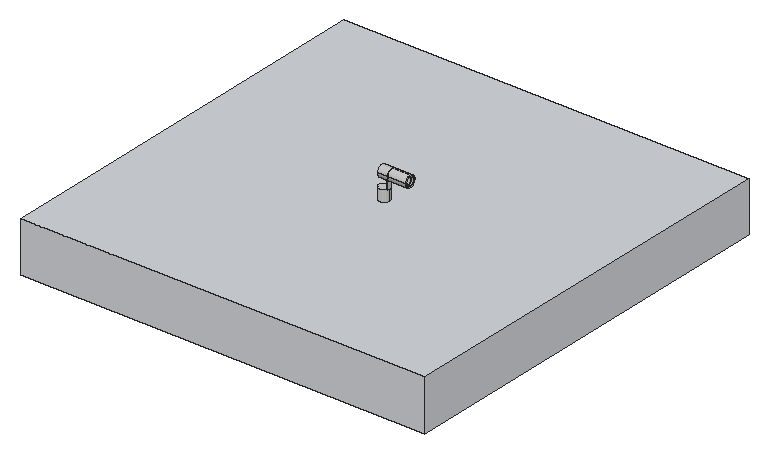
Revit family "LAMP_HANCE SURFACE SPOT", category Modelos genéricos, Revit 2015
Parameters (values of type "1577LM 3000 BLACK")
  Weight = 0.72 kg
  Type = "COB PHILIPS"
  Total height = 245 mm
  Tilting angle [instance] = 90.00°
  Tilting [instance] = if(Tilting angle < 0.00°, 0.00°, if(Tilting angle > 90.00°, 90.00°, Tilting angle))  # 90.00°
  Rotation angle [instance] = 0.00°
  Rotation [instance] = if(Rotation angle < 0.00°, 90.00°, if(Rotation angle > 355.00°, 85.00°, Rotation angle + 90.00°))  # 90.00°
  Radio base surface = if(Longitud cuerpo = 210 mm, 45 mm, 32.5 mm)  # 32.5 mm
  Protection rating = "IP20"
  Profundidad tija = if(Longitud cuerpo = 210 mm, 18 mm, 8.2 mm)  # 8.2 mm
  Product datasheet = "http://www.lamp.es/product-files/TECH/HS1SF20SP830NBB-EN.pdf"
  Product code = "HS1SF20SP830NBB"
  Product URL = "http://www.lamp.es/en/family/hance_173901"
  Power Supply = "220-240V 50-60Hz"
  Power = 18 W
  Plum = 21 W
  Photometric web file = Cuerpo Hance SURFACE SP (tiling) : 1577LM 3000 BLACK
  Modelo = Product code  # "HS1SF20SP830NBB"
  Model explanation = "Availability of tilting between 0º and 90º, rotation between 0º and 355º and change ring color when placed in a project."
  Material base = LAMP_Aluminio Hance Negro
  Material tija = LAMP_Aluminio Hance Negro
  Manufacturer name = "LAMP"
  Manufacturer country = "Spain"
  Manufacturer URL = "http://www.lamp.es/es/"
  MacAdam = "3"
  Luminaire type = "Indoor - Spotlight"
  Longitud cuerpo = 170 mm
  Longitud aro = if(Longitud cuerpo = 135 mm, 63.6 mm, if(Longitud cuerpo = 170 mm, 98.6 mm, 138.6 mm))  # 98.6 mm
  Last update = "08/08/2018"
  Lamp = "COB LED"
  LED Lifetime = "50.000 L80 B10"
  Insulation class = "I"
  Installation instructions = "http://www.lamp.es/product-files/ins/1004280%20-%20instr.%20hance%20spotlight%20220v.pdf"
  Initial intensity = 1577 lm
  Initial color = 3000 K
  IEE = "A"
  Gear = "Electronic"
  Finish = "Texturised black"
  Fabricante = Manufacturer name  # "LAMP"
  Default Elevation = 1219.2 mm
  Efficacy = 75.12 lm/W
  Diameter = 65 mm
  Descripción = "HANCE SUR 2000 WW SP BK."
  Decorative ring [instance] = Aro decorativo (tilting) : Black
  Comentarios de tipo = Model explanation  # "Availability of tilting between 0º and 90º, rotation between 0º and 355º and change ring color when placed in a project."
  CRI = "80"
  Body height = 170 mm
  Angulo aro [instance] = if(Tilting = 90.00°, 90.00°, -Tilting + 180.00°)  # 90.00°
  Anchura tija = if(Longitud cuerpo = 210 mm, 28 mm, 23 mm)  # 23 mm
  Altura tija = if(Longitud cuerpo = 210 mm, 63 mm, 63 mm)  # 63 mm
Types (17, lengths in mm): name | Weight | Total height | Radio base surface | Profundidad tija | Product datasheet | Product code | Power | Plum | Photometric web file | Modelo | Material base | Material tija | Longitud cuerpo | Longitud aro | LED Lifetime | Initial intensity | Initial color | IEE | Finish | Efficacy | Diameter | Descripción | Body height | Anchura tija
  (no name) | 0.72 kg | 245 | 32.5 | 8.2 | "http://www.lamp.es/product-files/TECH/HS1SF20SP830NBB-EN.pdf" | "HS1SF20SP830NBB" | 18 W | 21 W | Cuerpo Hance SURFACE SP (tiling) : 1577LM 3000 BLACK | "HS1SF20SP830NBB" | LAMP_Aluminio Hance Negro | LAMP_Aluminio Hance Negro | 170 | 98.6 | "50.000 L80 B10" | 1577 lm | 3000 K | "A" | "Texturised black" | 75.12 lm/W | 65 | "HANCE SUR 2000 WW SP BK." | 170 | 23
  736LM 3000 BLACK | 0.62 kg | 214 | 32.5 | 8.2 | "http://www.lamp.es/product-files/TECH/HS1SF10SP830NBB-EN.pdf" | "HS1SF10SP830NBB" | 7 W | 8.2 W | Cuerpo Hance SURFACE SP (tiling) : 736LM 3000 BLACK | "HS1SF10SP830NBB" | LAMP_Aluminio Hance Negro | LAMP_Aluminio Hance Negro | 135 | 63.6 | "50.000 L90 B10" | 736 lm | 3000 K | "A+" | "Texturised black" | 89.78 lm/W | 65 | "HANCE SUR 1000 WW SP BK." | 135 | 23
  736LM 3000 WHITE | 0.62 kg | 214 | 32.5 | 8.2 | "http://www.lamp.es/product-files/TECH/HS1SF10SP830NBW-EN.pdf" | "HS1SF10SP830NBW" | 7 W | 8.2 W | Cuerpo Hance SURFACE SP (tiling) : 736LM 3000 WHITE | "HS1SF10SP830NBW" | LAMP_Aluminio Hance Blanco | LAMP_Aluminio Hance Blanco | 135 | 63.6 | "50.000 L90 B10" | 736 lm | 3000 K | "A+" | "Texturised matt white" | 89.78 lm/W | 65 | "HANCE SUR 1000 WW SP WH." | 135 | 23
  778LM 4000 BLACK | 0.62 kg | 214 | 32.5 | 8.2 | "http://www.lamp.es/product-files/TECH/HS1SF10SP840NBB-EN.pdf" | "HS1SF10SP840NBB" | 7 W | 8.2 W | Cuerpo Hance SURFACE SP (tiling) : 778LM 4000 BLACK | "HS1SF10SP840NBB" | LAMP_Aluminio Hance Negro | LAMP_Aluminio Hance Negro | 135 | 63.6 | "50.000 L90 B10" | 778 lm | 4000 K | "A+" | "Texturised black" | 94.88 lm/W | 65 | "HANCE SUR 1000 NW SP BK." | 135 | 23
  778LM 4000 WHITE | 0.62 kg | 214 | 32.5 | 8.2 | "http://www.lamp.es/product-files/TECH/HS1SF10SP840NBW-EN.pdf" | "HS1SF10SP840NBW" | 7 W | 8.2 W | Cuerpo Hance SURFACE SP (tiling) : 778LM 4000 WHITE | "HS1SF10SP840NBW" | LAMP_Aluminio Hance Blanco | LAMP_Aluminio Hance Blanco | 135 | 63.6 | "50.000 L90 B10" | 778 lm | 4000 K | "A+" | "Texturised matt white" | 94.88 lm/W | 65 | "HANCE SUR 1000 NW SP WH." | 135 | 23
  1577LM 3000 BLACK | 0.72 kg | 245 | 32.5 | 8.2 | "http://www.lamp.es/product-files/TECH/HS1SF20SP830NBB-EN.pdf" | "HS1SF20SP830NBB" | 18 W | 21 W | Cuerpo Hance SURFACE SP (tiling) : 1577LM 3000 BLACK | "HS1SF20SP830NBB" | LAMP_Aluminio Hance Negro | LAMP_Aluminio Hance Negro | 170 | 98.6 | "50.000 L80 B10" | 1577 lm | 3000 K | "A" | "Texturised black" | 75.12 lm/W | 65 | "HANCE SUR 2000 WW SP BK." | 170 | 23
  1577LM 3000 WHITE | 0.72 kg | 248 | 32.5 | 8.2 | "http://www.lamp.es/product-files/TECH/HS1SF20SP830NBW-EN.pdf" | "HS1SF20SP830NBW" | 18 W | 21 W | Cuerpo Hance SURFACE SP (tiling) : 1577LM 3000 WHITE | "HS1SF20SP830NBW" | LAMP_Aluminio Hance Blanco | LAMP_Aluminio Hance Blanco | 170 | 98.6 | "50.000 L80 B10" | 1577 lm | 3000 K | "A" | "Texturised matt white" | 75.12 lm/W | 65 | "HANCE SUR 2000 WW SP WH." | 170 | 23
  1667LM 4000 BLACK | 0.72 kg | 248 | 32.5 | 8.2 | "http://www.lamp.es/product-files/TECH/HS1SF20SP840NBB-EN.pdf" | "HS1SF20SP840NBB" | 18 W | 21 W | Cuerpo Hance SURFACE SP (tiling) : 1667LM 4000 BLACK | "HS1SF20SP840NBB" | LAMP_Aluminio Hance Negro | LAMP_Aluminio Hance Negro | 170 | 98.6 | "50.000 L80 B10" | 1667 lm | 4000 K | "A+" | "Texturised black" | 79.38 lm/W | 65 | "HANCE SUR 2000 NW SP BK." | 170 | 23
  1667LM 4000 WHITE | 0.72 kg | 248 | 32.5 | 8.2 | "http://www.lamp.es/product-files/TECH/HS1SF20SP840NBW-EN.pdf" | "HS1SF20SP840NBW" | 18 W | 21 W | Cuerpo Hance SURFACE SP (tiling) : 1667LM 4000 WHITE | "HS1SF20SP840NBW" | LAMP_Aluminio Hance Blanco | LAMP_Aluminio Hance Blanco | 170 | 98.6 | "50.000 L80 B10" | 1667 lm | 4000 K | "A+" | "Texturised matt white" | 79.38 lm/W | 65 | "HANCE SUR 2000 NW SP WH." | 170 | 23
  2541LM 3000 BLACK | 1.34 kg | 290 | 45 | 18 | "http://www.lamp.es/product-files/TECH/HS1SF30SP830NBB-EN.pdf" | "HS1SF30SP830NBB" | 26 W | 28.6 W | Cuerpo Hance SURFACE SP (tiling) : 2541LM 3000 BLACK | "HS1SF30SP830NBB" | LAMP_Aluminio Hance Negro | LAMP_Aluminio Hance Negro | 210 | 138.6 | "50.000 L80 B10" | 2541 lm | 3000 K | "A+" | "Texturised black" | 88.83 lm/W | 90 | "HANCE SUR 3000 WW SP BK." | 210 | 28
  2541LM 3000 WHITE | 1.34 kg | 290 | 45 | 18 | "http://www.lamp.es/product-files/TECH/HS1SF30SP830NBW-EN.pdf" | "HS1SF30SP830NBW" | 26 W | 28.6 W | Cuerpo Hance SURFACE SP (tiling) : 2541LM 3000 WHITE | "HS1SF30SP830NBW" | LAMP_Aluminio Hance Blanco | LAMP_Aluminio Hance Blanco | 210 | 138.6 | "50.000 L80 B10" | 2541 lm | 3000 K | "A+" | "Texturised matt white" | 88.83 lm/W | 90 | "HANCE SUR 3000 WW SP WH." | 210 | 28
  2656LM 4000 BLACK | 1.34 kg | 290 | 45 | 18 | "http://www.lamp.es/product-files/TECH/HS1SF30SP840NBB-EN.pdf" | "HS1SF30SP840NBB" | 26 W | 28.6 W | Cuerpo Hance SURFACE SP (tiling) : 2656LM 4000 BLACK | "HS1SF30SP840NBB" | LAMP_Aluminio Hance Negro | LAMP_Aluminio Hance Negro | 210 | 138.6 | "50.000 L80 B10" | 2656 lm | 4000 K | "A+" | "Texturised black" | 92.87 lm/W | 90 | "HANCE SUR 3000 NW SP BK." | 210 | 28
  2656LM 4000 WHITE | 1.34 kg | 290 | 45 | 18 | "http://www.lamp.es/product-files/TECH/HS1SF30SP840NBW-EN.pdf" | "HS1SF30SP840NBW" | 26 W | 28.6 W | Cuerpo Hance SURFACE SP (tiling) : 2656LM 4000 WHITE | "HS1SF30SP840NBW" | LAMP_Aluminio Hance Blanco | LAMP_Aluminio Hance Blanco | 210 | 138.6 | "50.000 L80 B10" | 2656 lm | 4000 K | "A+" | "Texturised matt white" | 92.87 lm/W | 90 | "HANCE SUR 3000 NW SP WH." | 210 | 28
  3295LM 3000 BLACK | 1.34 kg | 290 | 45 | 18 | "http://www.lamp.es/product-files/TECH/HS1SF40SP830NBB-EN.pdf" | "HS1SF40SP830NBB" | 35 W | 39.5 W | Cuerpo Hance SURFACE SP (tiling) : 3295LM 3000 BLACK | "HS1SF40SP830NBB" | LAMP_Aluminio Hance Negro | LAMP_Aluminio Hance Negro | 210 | 138.6 | "50.000 L80 B10" | 3295 lm | 3000 K | "A+" | "Texturised black" | 83.42 lm/W | 90 | "HANCE SUR 4000 WW SP BK." | 210 | 28
  3295LM 3000 WHITE | 1.34 kg | 290 | 45 | 18 | "http://www.lamp.es/product-files/TECH/HS1SF40SP830NBW-EN.pdf" | "HS1SF40SP830NBW" | 35 W | 39.5 W | Cuerpo Hance SURFACE SP (tiling) : 3295LM 3000 WHITE | "HS1SF40SP830NBW" | LAMP_Aluminio Hance Blanco | LAMP_Aluminio Hance Blanco | 210 | 138.6 | "50.000 L80 B10" | 3295 lm | 3000 K | "A+" | "Texturised matt white" | 83.42 lm/W | 90 | "HANCE SUR 4000 WW SP WH." | 210 | 28
  3431LM 4000 BLACK | 1.34 kg | 290 | 45 | 18 | "http://www.lamp.es/product-files/TECH/HS1SF40SP840NBB-EN.pdf" | "HS1SF40SP840NBB" | 35 W | 39.5 W | Cuerpo Hance SURFACE SP (tiling) : 3431LM 4000 BLACK | "HS1SF40SP840NBB" | LAMP_Aluminio Hance Negro | LAMP_Aluminio Hance Negro | 210 | 138.6 | "50.000 L80 B10" | 3431 lm | 4000 K | "A+" | "Texturised black" | 86.86 lm/W | 90 | "HANCE SUR 4000 NW SP BK." | 210 | 28
  3431LM 4000 WHITE | 1.34 kg | 290 | 45 | 18 | "http://www.lamp.es/product-files/TECH/HS1SF40SP840NBW-EN.pdf" | "HS1SF40SP840NBW" | 35 W | 39.5 W | Cuerpo Hance SURFACE SP (tiling) : 3431LM 4000 WHITE | "HS1SF40SP840NBW" | LAMP_Aluminio Hance Blanco | LAMP_Aluminio Hance Blanco | 210 | 138.6 | "50.000 L80 B10" | 3431 lm | 4000 K | "A+" | "Texturised matt white" | 86.86 lm/W | 90 | "HANCE SUR 4000 NW SP WH." | 210 | 28
Reference planes
  plane 1 "Centro (Frontal/Posterior)": y = 0
  plane 2: z = 0
  plane 3 "Centro (Izquierda/Derecha)": x = 0
Forms (mm)
  Extrusion 1, solid
    sketch origin (0, 0, 0) x (1, 0, 0) y (0, 1, 0)
      loop
        line (-1219.2, 1219.2) -> (-1219.2, -1219.2) -> (1219.2, -1219.2) -> (1219.2, 1219.2) -> (-1219.2, 1219.2)
    from 0 to -304.8
  Extrusion 2, solid, material "LAMP_Aluminio Hance Negro" <- "Material base"
    sketch origin (0, 0, 0) x (1, 0, 0) y (0, 1, 0)
      loop
        circle (0.524, 0) r 32.5
    from 0 to 64
Lines and regions (mm)
  reference lines
    curve 1: line (0, 0, 0) -> (50, 0, 0)
Text (mm)
  text "Any modification of the parameters and properties of the LAMP BIM models must be executed and validated by the LAMP technical department.\n\nPhone: +34 93 736 68 00\n\nE-mail: lamp@lamp.es\n\n\n\nLAMP reserves the right to modify the technical specifications of its products." at (-20972.013, 13751.942, -8580.163), in view "Preview"
Dimensions and locks
  "Radio base surface": radius of Extrusion 2 sketch curve
  "Rotation": angle curve 1 to plane 3 "Centro (Izquierda/Derecha)"
  aligned and locked: plane 2 to Extrusion 1
  aligned and locked: level to Extrusion 1
  aligned and locked: plane 3 "Centro (Izquierda/Derecha)" to curve 1
  aligned and locked: plane 1 "Centro (Frontal/Posterior)" to curve 1
Automatic sketch dimensions
  Extrusion 1 sketch curve to Extrusion 1 sketch curve = 2438.4 mm  (x2)
  curve 1 to Extrusion 2 sketch curve = 0 mm
  curve 1 to Extrusion 2 sketch curve = 0.524 mm
Nested families
  nested 1: "Aro decorativo (tilting)" at (28.265, 0, 119.12) x (1, 0, 0) z (0, 0, -1), type <- "Decorative ring", type "Black"
    with Longitud 98.6 mm
  nested 2: "Tija track" at (29.837, 0, 64), type "Tija track"
  nested 3: "Cuerpo Hance SURFACE SP (tiling)" at (28.24, 0, 119.145) x (1, 0, 0) z (0, 0, -1), type <- "Photometric web file", type "1577LM 3000 BLACK"
Connectors
  electrical at (0.524, 0, 0)
    settings: on Extrusion 2, index 1, voltage 0 V, apparent load 0 VA, apparent load phase1 0 VA, apparent load phase2 0 VA, apparent load phase3 0 VA, power factor 1, load classification "Otro", number of poles 1, system type 31, power factor state 1, is connector primary yes, connector utility no, sub classification motor no, connector description ""
Definition of nested family "Aro decorativo (tilting)"
  Parameters (values of type "Copper")
    Weight (3000/4000) = 0.016 kg
    Weight (1000/2000) = 0.01 kg
    Tilting = 90.00°
    Product datasheet = ""
    Product code (3000/4000) = "HSRI90C"
    Product code (1000/2000) = "HSRI65C"
    Product URL = ""
    Model = ""
    Material aro = none
    Manufacturer name = "LAMP"
    Manufacturer country = "Spain"
    Manufacturer URL = "http://www.lamp.es/en"
    Longitud = 63.6 mm
    Last update = "21/05/2018"
    Installation instructions = ""
    Finish = "Metalized matt copper"
    Manufacturer = Manufacturer name  # "LAMP"
    Default Elevation = 1219.2 mm
    Diameter (3000/4000) = 90 mm
    Diameter (1000/2000) = 65 mm
    Description = ""
    Accessory Type = "Optic"
    3000/4000 Model = "HSRI90C"
    3000/4000 Description = "HANCE 3000/4000 ACC. RING DECO CO."
    1000/2000 Model = "HSRI65C"
    1000/2000 Description = "HANCE 1000/2000 ACC. RING DECO CO."
  Types (5, lengths in mm): name | Product code (3000/4000) | Product code (1000/2000) | Finish | 3000/4000 Model | 3000/4000 Description | 1000/2000 Model | 1000/2000 Description
    (no name) | "HSRI90C" | "HSRI65C" | "Metalized matt copper" | "HSRI90C" | "HANCE 3000/4000 ACC. RING DECO CO." | "HSRI65C" | "HANCE 1000/2000 ACC. RING DECO CO."
    Black | "HSRI90B" | "HSRI65B" | "Matt black" | "HSRI90B" | "HANCE 3000/4000 ACC. RING DECO BK." | "HSRI65B" | "HANCE 1000/2000 ACC. RING DECO BK."
    Copper | "HSRI90C" | "HSRI65C" | "Metalized matt copper" | "HSRI90C" | "HANCE 3000/4000 ACC. RING DECO CO." | "HSRI65C" | "HANCE 1000/2000 ACC. RING DECO CO."
    Grey | "HSRI90M" | "HSRI65M" | "Metalized matt silver" | "HSRI90M" | "HANCE 3000/4000 ACC. RING DECO MET." | "HSRI65M" | "HANCE 1000/2000 ACC. RING DECO MET."
    White | "HSRI90W" | "HSRI65W" | "Matt White" | "HSRI90W" | "HANCE 3000/4000 ACC. RING DECO WH." | "HSRI65W" | "HANCE 1000/2000 ACC. RING DECO WH."
  Reference planes
    plane 1 "Centro (Frontal/Posterior)": y = 0
    plane 2: z = 0
    plane 3 "Centro (Izquierda/Derecha)": x = 0
  Lines and regions (mm)
    reference lines
      curve 1: line (0, 0, 0) -> (0, 0, -27.9)
      curve 2: line (0, 0, -27.9) -> (80.8, 0, -27.9)
  Text (mm)
    text "Any modification of the parameters and properties of the LAMP BIM models must be executed and validated by the LAMP technical department.\n\nPhone: +34 93 736 68 00\n\nE-mail: lamp@lamp.es\n\n\n\nLAMP reserves the right to modify the technical specifications of its products." at (86527.204, -96597.187, 50741.736), in view "Preview"
  Dimensions and locks
    "Tilting": angle curve 1 to plane 2
    aligned and locked: level to plane 2
    aligned and locked: plane 3 "Centro (Izquierda/Derecha)" to curve 1
    aligned and locked: plane 2 to curve 1
  Automatic sketch dimensions
    curve 2 to curve 1 = 0 mm
    curve 1 to curve 2 = 0 mm
    curve 1 to curve 2 = 80.8 mm
  Nested families
    nested 1: "Aro decorativo" at (17.2, 0, 0), type "Copper"
  Definition of nested family "Aro decorativo"
    Parameters (values of type "Copper")
      Weight (3000/4000) = 0.016 kg
      Weight (1000/2000) = 0.01 kg
      Product datasheet = ""
      Product code (3000/4000) = "HSRI90C"
      Product code (1000/2000) = "HSRI65C"
      Product URL = ""
      Model = ""
      Material aro = none
      Manufacturer name = "LAMP"
      Manufacturer country = "Spain"
      Manufacturer URL = "http://www.lamp.es/en"
      Longitud = 63.6 mm
      Last update = "21/05/2018"
      Installation instructions = ""
      Finish = "Metalized matt copper"
      Manufacturer = Manufacturer name  # "LAMP"
      Default Elevation = 1219.2 mm
      Diametro vaciado aro interior = if(Diametro aro interior = 35.4 mm, 34.4 mm, 21.9 mm)  # 21.9 mm
      Diametro vaciado aro exterior = if(Diametro aro exterior = 42.9 mm, 41.9 mm, 29.4 mm)  # 29.4 mm
      Diametro aro interior = if(Diametro aro exterior = 42.9 mm, 35.4 mm, 22.9 mm)  # 22.9 mm
      Diametro aro exterior = if(Longitud = 138.6 mm, 42.9 mm, 30.4 mm)  # 30.4 mm
      Diameter (3000/4000) = 90 mm
      Diameter (1000/2000) = 65 mm
      Description = ""
      Accessory Type = "Optic"
      3000/4000 Model = "HSRI90C"
      3000/4000 Description = "HANCE 3000/4000 ACC. RING DECO CO."
      1000/2000 Description = "HANCE 1000/2000 ACC. RING DECO CO."
      1000/2000 Model = "HSRI65C"
    Types (5, lengths in mm): name | Product code (3000/4000) | Product code (1000/2000) | Finish | 3000/4000 Model | 3000/4000 Description | 1000/2000 Description | 1000/2000 Model
      (no name) | "HSRI90C" | "HSRI65C" | "Metalized matt copper" | "HSRI90C" | "HANCE 3000/4000 ACC. RING DECO CO." | "HANCE 1000/2000 ACC. RING DECO CO." | "HSRI65C"
      Black | "HSRI90B" | "HSRI65B" | "Matt black" | "HSRI90B" | "HANCE 3000/4000 ACC. RING DECO BK." | "HANCE 1000/2000 ACC. RING DECO BK." | "HSRI65B"
      Copper | "HSRI90C" | "HSRI65C" | "Metalized matt copper" | "HSRI90C" | "HANCE 3000/4000 ACC. RING DECO CO." | "HANCE 1000/2000 ACC. RING DECO CO." | "HSRI65C"
      Grey | "HSRI90M" | "HSRI65M" | "Metalized matt silver" | "HSRI90M" | "HANCE 3000/4000 ACC. RING DECO MET." | "HANCE 1000/2000 ACC. RING DECO MET." | "HSRI65M"
      White | "HSRI90W" | "HSRI65W" | "Matt white" | "HSRI90W" | "HANCE 3000/4000 ACC. RING DECO WH." | "HANCE 1000/2000 ACC. RING DECO WH." | "HSRI65W"
    Reference planes
      plane 1 "Centro (Frontal/Posterior)": y = 0
      plane 2: z = 0
      plane 3 "Centro (Izquierda/Derecha)": x = 0
    Forms (mm)
      Revolve 1, solid, material <- "Material aro"
        sketch origin (0, 0, -27.9) x (1, 0, 0) y (0, 0, 1)
          loop
            line (63.6, 0) -> (73.782, 0) -> (73.782, 30.4) -> (63.6, 22.9) -> (63.6, 0)
          axis (73.782, 0) -> (63.6, 0)
        angle from 0 to 360
      Revolve 2, void
        sketch origin (0, 0, -27.9) x (1, 0, 0) y (0, 0, 1)
          loop
            line (73.782, 29.4) -> (63.6, 21.9) -> (63.6, 0) -> (73.782, 0) -> (73.782, 29.4)
          axis (63.6, 0) -> (73.782, 0)
        angle from 0 to 360
    Cuts and joins
      Revolve 2 cuts Revolve 1
    Lines and regions (mm)
      reference lines
        curve 1: line (0, 0, -27.9) -> (63.6, 0, -27.9)
    Text (mm)
      text "Any modification of the parameters and properties of the LAMP BIM models must be executed and validated by the LAMP technical department.\n\nPhone: +34 93 736 68 00\n\nE-mail: lamp@lamp.es\n\n\n\nLAMP reserves the right to modify the technical specifications of its products." at (91886.357, -93022.329, 47898.266), in view "Preview"
    Dimensions and locks
      "Diametro aro exterior": Revolve 1 sketch curve to Revolve 1 sketch curve
      "Diametro vaciado aro exterior": Revolve 2 sketch curve to Revolve 2 sketch curve
      "Longitud": curve 1 to plane 3 "Centro (Izquierda/Derecha)"
      "Diametro aro interior": Revolve 1 sketch curve to Revolve 1 sketch curve
      "Diametro vaciado aro interior": Revolve 2 sketch curve to Revolve 2 sketch curve
      aligned and locked: level to plane 2
    Automatic sketch dimensions
      Revolve 1 sketch curve to curve 1 = 0 mm  (x4)
      curve 1 to Revolve 1 sketch curve = 10.182 mm
      Revolve 1 sketch curve to Revolve 1 sketch curve = 0 mm
      Revolve 2 sketch curve to curve 1 = 0 mm  (x3)
      curve 1 to Revolve 2 sketch curve = 10.182 mm
      Revolve 2 sketch curve to curve 1 = 1261.008 mm
      Revolve 2 sketch curve to Revolve 2 sketch curve = 1898.983 mm
      curve 1 to plane 3 "Centro (Izquierda/Derecha)" = 0 mm
      curve 1 to level = 27.9 mm
Definition of nested family "Tija track"
  Parameters (values of type "Tija track")
    Profundidad tija = 8.2 mm
    Material tija = none
    Default Elevation = 1219.2 mm
    Anchura tija = 23 mm
    Profundo vaciado = if(Profundidad tija = 18 mm, 10.8 mm, 1 mm)  # 1 mm
    Ancho vaciado = Anchura tija  # 23 mm
    Altura tija = 63 mm
  Reference planes
    plane 1 "Centro (Frontal/Posterior)": y = 0
    plane 2: z = 0
    plane 3 "Centro (Izquierda/Derecha)": x = 0
  Forms (mm)
    Extrusion 1, solid
      sketch origin (0, 0, 0) x (1, 0, 0) y (0, 1, 0)
        loop
          line (-1219.2, 1219.2) -> (-1219.2, -1219.2) -> (1219.2, -1219.2) -> (1219.2, 1219.2) -> (-1219.2, 1219.2)
      from 0 to -304.8
    Extrusion 2, solid, material <- "Material tija"
      sketch origin (0, 0, -18) x (1, 0, 0) y (0, 0, 1)
        loop
          line (4.1, 18) -> (4.1, 81) -> (-6.297, 81)
          arc (-6.297, 81) -> (-12.297, 75) -> (-6.297, 69) r 6
          line (-6.297, 69) -> (-4.1, 69) -> (-4.1, 18) -> (4.1, 18)
      from -11.5 to 11.5
    Extrusion 3, void
      sketch origin (0, 0, -20) x (-1, 0, 0) y (0, 0, 1)
        loop
          circle (7.297, 77) r 3
        loop
          circle (7.297, 63) r 3
      from -17.317 to 15.502
    Extrusion 4, void
      sketch origin (1, -11.5, 0) x (-1, 0, 0) y (0, 1, 0)
        loop
          line (0, 23) -> (-38.141, 23) -> (-38.141, 0) -> (0, 0)
          arc (0, 0) -> (-1.663, 11.5) -> (0, 23) r 40.6
      from -63 to 0
  Cuts and joins
    Extrusion 3, Extrusion 4 cuts Extrusion 2
  Lines and regions (mm)
    reference lines
      curve 1: line (1, -11.5, 0) -> (1, 11.5, 0)
  Dimensions and locks
    equal spacing: cut or joined group of Extrusion 2, Extrusion 3, Extrusion 4, plane 1 "Centro (Frontal/Posterior)", cut or joined group of Extrusion 2, Extrusion 3, Extrusion 4
    "Anchura tija": cut or joined group of Extrusion 2, Extrusion 3, Extrusion 4 to cut or joined group of Extrusion 2, Extrusion 3, Extrusion 4
    plane 1 "Centro (Frontal/Posterior)" to Extrusion 4 sketch curve = 11.5 mm
    "Altura tija": Extrusion 2 sketch curve to Extrusion 2 sketch curve
    "Profundidad tija": cut or joined group of Extrusion 2, Extrusion 3, Extrusion 4 to cut or joined group of Extrusion 2, Extrusion 3, Extrusion 4
    locked: cut or joined group of Extrusion 2, Extrusion 3, Extrusion 4 to plane 3 "Centro (Izquierda/Derecha)" at 4.1
    locked: plane 3 "Centro (Izquierda/Derecha)" to Extrusion 4 sketch curve at 39.141
    "Profundo vaciado": plane 3 "Centro (Izquierda/Derecha)" to curve 1
    "Ancho vaciado": Extrusion 4 sketch curve to Extrusion 4 sketch curve
    equal spacing: Extrusion 4 sketch curve, plane 1 "Centro (Frontal/Posterior)", Extrusion 4 sketch curve
    aligned and locked: plane 2 to Extrusion 1
    aligned and locked: level to Extrusion 1
  Automatic sketch dimensions
    Extrusion 1 sketch curve to Extrusion 1 sketch curve = 2438.4 mm  (x2)
    Extrusion 3 sketch curve to plane 3 "Centro (Izquierda/Derecha)" = 7.297 mm  (x2)
    level to Extrusion 3 sketch curve = 43 mm
    Extrusion 3 sketch curve to Extrusion 3 sketch curve = 14 mm
    Extrusion 2 sketch curve to level = 0 mm
    Extrusion 2 sketch curve to plane 3 "Centro (Izquierda/Derecha)" = 6.297 mm
    Extrusion 2 sketch curve to Extrusion 2 sketch curve = 2.197 mm
    plane 3 "Centro (Izquierda/Derecha)" to Extrusion 2 sketch curve = 4.1 mm
    Extrusion 2 sketch curve to Extrusion 2 sketch curve = 12 mm
    plane 1 "Centro (Frontal/Posterior)" to curve 1 = 11.5 mm
    curve 1 to plane 1 "Centro (Frontal/Posterior)" = 11.5 mm
    Extrusion 4 sketch curve to curve 1 = 0 mm  (x2)
    curve 1 to Extrusion 4 sketch curve = 38.937 mm
    radius of Extrusion 3 sketch curve = 3 mm  (x2)
Definition of nested family "Cuerpo Hance SURFACE SP (tiling)"
  Parameters (values of type "736LM 3000 BLACK")
    Tilting = 90.00°
    Photometric web file = Cuerpo Hance SURFACE SP : 736LM 3000 BLACK
    Longitud cuerpo = 135 mm
    Default Elevation = 1219.2 mm
  Types (17, lengths in mm): name | Photometric web file | Longitud cuerpo
    (no name) | Cuerpo Hance SURFACE SP : 736LM 3000 BLACK | 135
    736LM 3000 BLACK | Cuerpo Hance SURFACE SP : 736LM 3000 BLACK | 135
    736LM 3000 WHITE | Cuerpo Hance SURFACE SP : 736LM 3000 WHITE | 135
    778LM 4000 BLACK | Cuerpo Hance SURFACE SP : 778LM 4000 BLACK | 135
    778LM 4000 WHITE | Cuerpo Hance SURFACE SP : 778LM 4000 WHITE | 135
    1577LM 3000 BLACK | Cuerpo Hance SURFACE SP : 1577LM 3000 BLACK | 170
    1577LM 3000 WHITE | Cuerpo Hance SURFACE SP : 1577LM 3000 WHITE | 170
    1667LM 4000 BLACK | Cuerpo Hance SURFACE SP : 1667LM 4000 BLACK | 170
    1667LM 4000 WHITE | Cuerpo Hance SURFACE SP : 1667LM 4000 WHITE | 170
    2541LM 3000 BLACK | Cuerpo Hance SURFACE SP : 2541LM 3000 BLACK | 210
    2541LM 3000 WHITE | Cuerpo Hance SURFACE SP : 2541LM 3000 WHITE | 210
    2656LM 4000 BLACK | Cuerpo Hance SURFACE SP : 2656LM 4000 BLACK | 210
    2656LM 4000 WHITE | Cuerpo Hance SURFACE SP : 2656LM 4000 WHITE | 210
    3295LM 3000 BLACK | Cuerpo Hance SURFACE SP : 3295LM 3000 BLACK | 210
    3295LM 3000 WHITE | Cuerpo Hance SURFACE SP : 3295LM 3000 WHITE | 210
    3431LM 4000 BLACK | Cuerpo Hance SURFACE SP : 3431LM 4000 BLACK | 210
    3431LM 4000 WHITE | Cuerpo Hance SURFACE SP : 3431LM 4000 WHITE | 210
  Reference planes
    plane 1 "Centro (Frontal/Posterior)": y = 0
    plane 2: z = 0
    plane 3 "Centro (Izquierda/Derecha)": x = 0
  Lines and regions (mm)
    reference lines
      curve 1: line (0, 0, 0) -> (200, 0, 0)
  Dimensions and locks
    "Tilting": angle plane 3 "Centro (Izquierda/Derecha)" to curve 1
    aligned and locked: level to plane 2
    aligned and locked: plane 3 "Centro (Izquierda/Derecha)" to curve 1
    aligned and locked: plane 2 to curve 1
  Nested families
    nested 1: "Cuerpo Hance SURFACE SP" at (0, 0, 0), type <- "Photometric web file", type "736LM 3000 BLACK"
  Definition of nested family "Cuerpo Hance SURFACE SP"
    Parameters (values of type "736LM 3000 BLACK")
      Tilt Angle = 90.00° + Tilting  # 180.00°
      Wattage = 8.2 W
      Tilting = 90.00°
      built-in parameter 1150107 = 3000 (stored number, unit not read)
      Radio vacio posterior = Radio cuerpo - 2.2 mm  # 30.3 mm
      Radio vaciado = Radio cuerpo - 1.5 mm  # 31 mm
      Radio cuerpo = if(Longitud cuerpo = 210 mm, 45 mm, 32.5 mm)  # 32.5 mm
      built-in parameter 1150110 = 1 (stored number, unit not read)
      built-in parameter 1150109 = 1 (stored number, unit not read)
      built-in parameter 1150112 = 1 (stored number, unit not read)
      built-in parameter 1150113 = 1 (stored number, unit not read)
      built-in parameter 1114218 = 1 (stored number, unit not read)
      built-in parameter 1150137 = (empty or 0)
      built-in parameter 1150132 = 2
      Material reflector = none
      Material cuerpo = none
      Material COB = none
      Longitud cuerpo = 135 mm
      Long. origen luz = if(Longitud cuerpo = 135 mm, 20 mm, if(Longitud cuerpo = 170 mm, 55 mm, 90 mm))  # 20 mm
      L_3 = if(Ancho disipador posterior = 80.4 mm, 39.6 mm, 12 mm)  # 12 mm
      L_2 = if(Ancho disipador posterior = 80.4 mm, 36.3 mm, 22.6 mm)  # 22.6 mm
      L_1 = if(Ancho disipador posterior = 80.4 mm, 36.8 mm, 25.4 mm)  # 25.4 mm
      built-in parameter 1150105 = 12848.5 (stored number, unit not read)
      built-in parameter 1150102 = (empty or 0)
      built-in parameter 1150106 = 128.48 (stored number, unit not read)
      Lumens = 736.196 lm
      Color Filter = 16777215
      built-in parameter 1114217 = 1 (stored number, unit not read)
      built-in parameter 1150139 = (empty or 0)
      Default Elevation = 1219.2 mm
      built-in parameter 1150104 = 8.3408 (stored number, unit not read)
      Efficacy = 89.78 lm/W
      Diametro aro = if(Radio cuerpo = 45 mm, 42.9 mm, 30.4 mm)  # 30.4 mm
      built-in parameter 1150115 = 1 (stored number, unit not read)
      built-in parameter 1150114 = 1 (stored number, unit not read)
      built-in parameter 1150138 = (empty or 0)
      built-in parameter 1150134 = (empty or 0)
      Dimming Lamp Color Temperature Shift = (empty or 0)
      Photometric Web File = "HS1SF10SP830NBB.IES"
      Ancho vaciado reflector = if(Radio cuerpo = 45 mm, 34.4 mm, 21.9 mm)  # 21.9 mm
      Ancho reflector = if(Radio cuerpo = 45 mm, 35.4 mm, 22.9 mm)  # 22.9 mm
      Ancho disipador posterior = if(Radio cuerpo = 32.5 mm, 53 mm, 80.4 mm)  # 53 mm
      built-in parameter 1150133 = 10 (stored number, unit not read)
      Altura disipador superior = if(Radio cuerpo = 45 mm, 23.9 mm, 36.9 mm)  # 36.9 mm
      Ancho disipador superior = if(Radio cuerpo = 45 mm, 28 mm, 22.6 mm)  # 22.6 mm
    Types (16, lengths in mm): name | Wattage | built-in parameter 1150107 | Radio vacio posterior | Radio vaciado | Radio cuerpo | Longitud cuerpo | Long. origen luz | L_3 | L_2 | L_1 | built-in parameter 1150105 | built-in parameter 1150106 | Lumens | built-in parameter 1150104 | Efficacy | Diametro aro | built-in parameter 1150134 | Photometric Web File | Ancho vaciado reflector | Ancho reflector | Ancho disipador posterior | Altura disipador superior | Ancho disipador superior
      736LM 3000 BLACK | 8.2 W | 3000 (stored number, unit not read) | 30.3 | 31 | 32.5 | 135 | 20 | 12 | 22.6 | 25.4 | 12848.5 (stored number, unit not read) | 128.48 (stored number, unit not read) | 736.196 lm | 8.3408 (stored number, unit not read) | 89.78 lm/W | 30.4 | (empty or 0) | "HS1SF10SP830NBB.IES" | 21.9 | 22.9 | 53 | 36.9 | 22.6
      736LM 3000 WHITE | 8.2 W | 3000 (stored number, unit not read) | 30.3 | 31 | 32.5 | 135 | 20 | 12 | 22.6 | 25.4 | 12848.5 (stored number, unit not read) | 128.48 (stored number, unit not read) | 736.196 lm | 8.3408 (stored number, unit not read) | 89.78 lm/W | 30.4 | (empty or 0) | "HS1SF10SP830NBW.IES" | 21.9 | 22.9 | 53 | 36.9 | 22.6
      778LM 4000 BLACK | 8.2 W | 4000 (stored number, unit not read) | 30.3 | 31 | 32.5 | 135 | 20 | 12 | 22.6 | 25.4 | 13578.3 (stored number, unit not read) | 135.78 (stored number, unit not read) | 778.016 lm | 8.8146 (stored number, unit not read) | 94.88 lm/W | 30.4 | 12 | "HS1SF10SP840NBB.IES" | 21.9 | 22.9 | 53 | 36.9 | 22.6
      778LM 4000 WHITE | 8.2 W | 4000 (stored number, unit not read) | 30.3 | 31 | 32.5 | 135 | 20 | 12 | 22.6 | 25.4 | 13578.3 (stored number, unit not read) | 135.78 (stored number, unit not read) | 778.016 lm | 8.8146 (stored number, unit not read) | 94.88 lm/W | 30.4 | 12 | "HS1SF10SP840NBW.IES" | 21.9 | 22.9 | 53 | 36.9 | 22.6
      1577LM 3000 BLACK | 21 W | 3000 (stored number, unit not read) | 30.3 | 31 | 32.5 | 170 | 55 | 12 | 22.6 | 25.4 | 8331.3 (stored number, unit not read) | 83.313 (stored number, unit not read) | 1577.52 lm | 6.9789 (stored number, unit not read) | 75.12 lm/W | 30.4 | (empty or 0) | "HS1SF20SP830NBB.IES" | 21.9 | 22.9 | 53 | 36.9 | 22.6
      1577LM 3000 WHITE | 21 W | 3000 (stored number, unit not read) | 30.3 | 31 | 32.5 | 170 | 55 | 12 | 22.6 | 25.4 | 8331.3 (stored number, unit not read) | 83.313 (stored number, unit not read) | 1577.52 lm | 6.9789 (stored number, unit not read) | 75.12 lm/W | 30.4 | (empty or 0) | "HS1SF20SP830NBW.IES" | 21.9 | 22.9 | 53 | 36.9 | 22.6
      1667LM 4000 BLACK | 21 W | 4000 (stored number, unit not read) | 30.3 | 31 | 32.5 | 170 | 55 | 12 | 22.6 | 25.4 | 9070.2 (stored number, unit not read) | 90.702 (stored number, unit not read) | 1666.98 lm | 7.3746 (stored number, unit not read) | 79.38 lm/W | 30.4 | 12 | "HS1SF20SP840NBB.IES" | 21.9 | 22.9 | 53 | 36.9 | 22.6
      1667LM 4000 WHITE | 21 W | 4000 (stored number, unit not read) | 30.3 | 31 | 32.5 | 170 | 55 | 12 | 22.6 | 25.4 | 9070.2 (stored number, unit not read) | 90.702 (stored number, unit not read) | 1666.98 lm | 7.3746 (stored number, unit not read) | 79.38 lm/W | 30.4 | 12 | "HS1SF20SP840NBW.IES" | 21.9 | 22.9 | 53 | 36.9 | 22.6
      2541LM 3000 BLACK | 28.6 W | 3000 (stored number, unit not read) | 42.8 | 43.5 | 45 | 210 | 90 | 39.6 | 36.3 | 36.8 | 13823.3 (stored number, unit not read) | 138.23 (stored number, unit not read) | 2540.54 lm | 8.2526 (stored number, unit not read) | 88.83 lm/W | 42.9 | (empty or 0) | "HS1SF30SP830NBB.IES" | 34.4 | 35.4 | 80.4 | 23.9 | 28
      2541LM 3000 WHITE | 28.6 W | 3000 (stored number, unit not read) | 42.8 | 43.5 | 45 | 210 | 90 | 39.6 | 36.3 | 36.8 | 13823.3 (stored number, unit not read) | 138.23 (stored number, unit not read) | 2540.54 lm | 8.2526 (stored number, unit not read) | 88.83 lm/W | 42.9 | (empty or 0) | "HS1SF30SP830NBW.IES" | 34.4 | 35.4 | 80.4 | 23.9 | 28
      2656LM 4000 BLACK | 28.6 W | 4000 (stored number, unit not read) | 42.8 | 43.5 | 45 | 210 | 90 | 39.6 | 36.3 | 36.8 | 19226 (stored number, unit not read) | 192.26 (stored number, unit not read) | 2656.08 lm | 8.6279 (stored number, unit not read) | 92.87 lm/W | 42.9 | 12 | "HS1SF30SP840NBB.IES" | 34.4 | 35.4 | 80.4 | 23.9 | 28
      2656LM 4000 WHITE | 28.6 W | 4000 (stored number, unit not read) | 42.8 | 43.5 | 45 | 210 | 90 | 39.6 | 36.3 | 36.8 | 19226 (stored number, unit not read) | 192.26 (stored number, unit not read) | 2656.08 lm | 8.6279 (stored number, unit not read) | 92.87 lm/W | 42.9 | 12 | "HS1SF30SP840NBW.IES" | 34.4 | 35.4 | 80.4 | 23.9 | 28
      3295LM 3000 BLACK | 39.5 W | 3000 (stored number, unit not read) | 42.8 | 43.5 | 45 | 210 | 90 | 39.6 | 36.3 | 36.8 | 23851.4 (stored number, unit not read) | 238.51 (stored number, unit not read) | 3295.09 lm | 7.75 (stored number, unit not read) | 83.42 lm/W | 42.9 | (empty or 0) | "HS1SF40SP830NBB.IES" | 34.4 | 35.4 | 80.4 | 23.9 | 28
      3295LM 3000 WHITE | 39.5 W | 3000 (stored number, unit not read) | 42.8 | 43.5 | 45 | 210 | 90 | 39.6 | 36.3 | 36.8 | 23851.4 (stored number, unit not read) | 238.51 (stored number, unit not read) | 3295.09 lm | 7.75 (stored number, unit not read) | 83.42 lm/W | 42.9 | (empty or 0) | "HS1SF40SP830NBW.IES" | 34.4 | 35.4 | 80.4 | 23.9 | 28
      3431LM 4000 BLACK | 39.5 W | 4000 (stored number, unit not read) | 42.8 | 43.5 | 45 | 210 | 90 | 39.6 | 36.3 | 36.8 | 24308.8 (stored number, unit not read) | 243.09 (stored number, unit not read) | 3430.97 lm | 8.0696 (stored number, unit not read) | 86.86 lm/W | 42.9 | 12 | "HS1SF40SP840NBB.IES" | 34.4 | 35.4 | 80.4 | 23.9 | 28
      3431LM 4000 WHITE | 39.5 W | 4000 (stored number, unit not read) | 42.8 | 43.5 | 45 | 210 | 90 | 39.6 | 36.3 | 36.8 | 24308.8 (stored number, unit not read) | 243.09 (stored number, unit not read) | 3430.97 lm | 8.0696 (stored number, unit not read) | 86.86 lm/W | 42.9 | 12 | "HS1SF40SP840NBW.IES" | 34.4 | 35.4 | 80.4 | 23.9 | 28
    Reference planes
      plane 1 "Centro (Frontal/Posterior)": y = 0
      plane 2: z = 0
      plane 3 "Centro (Izquierda/Derecha)": x = 0
    Forms (mm)
      Extrusion 1, solid, material <- "Material cuerpo"
        sketch origin (0, 0, 0) x (0, -1, 0) y (0, 0, 1)
          loop
            circle (0, -27.875) r 32.5
        from -93 to 42
      Extrusion 2, void
        sketch origin (0, 0, 0) x (0, 1, 0) y (0, 0, 1)
          loop
            line (11.3, 30) -> (-11.3, 30) -> (-11.3, -6.9)
            arc (-11.3, -6.9) -> (0, -7.855) -> (11.3, -6.9) r 67.349
            line (11.3, -6.9) -> (11.3, 30)
        from -42 to 9.4
      Extrusion 3, void
        sketch origin (0, 0, 0) x (0, 1, 0) y (0, 0, 1)
          loop
            circle (0, -27.875) r 30.3
        from -42 to -41
      Extrusion 4, void
        sketch origin (0, 0, 0) x (0, 1, 0) y (0, 0, 1)
          loop
            line (26.5, -26.291) -> (-26.5, -26.291)
            arc (-26.5, -26.291) -> (-27.7, -27.491) -> (-26.5, -28.691) r 1.2
            line (-26.5, -28.691) -> (26.5, -28.691)
            arc (26.5, -28.691) -> (27.7, -27.491) -> (26.5, -26.291) r 1.2
          loop
            line (26.115, -30.891) -> (-26.115, -30.891)
            arc (-26.115, -30.891) -> (-27.315, -32.091) -> (-26.115, -33.291) r 1.2
            line (-26.115, -33.291) -> (26.115, -33.291)
            arc (26.115, -33.291) -> (27.315, -32.091) -> (26.115, -30.891) r 1.2
          loop
            line (25.4, -35.55) -> (-24.915, -35.55)
            arc (-24.915, -35.55) -> (-26.115, -36.75) -> (-24.915, -37.95) r 1.2
            line (-24.915, -37.95) -> (25.4, -37.95)
            arc (25.4, -37.95) -> (26.6, -36.75) -> (25.4, -35.55) r 1.2
          loop
            line (22.6, -40.091) -> (-22.64, -40.091)
            arc (-22.64, -40.091) -> (-23.84, -41.291) -> (-22.64, -42.491) r 1.2
            line (-22.64, -42.491) -> (22.6, -42.491)
            arc (22.6, -42.491) -> (23.8, -41.291) -> (22.6, -40.091) r 1.2
          loop
            line (19.043, -44.691) -> (-19.086, -44.691)
            arc (-19.086, -44.691) -> (-20.286, -45.891) -> (-19.086, -47.091) r 1.2
            line (-19.086, -47.091) -> (19.043, -47.091)
            arc (19.043, -47.091) -> (20.243, -45.891) -> (19.043, -44.691) r 1.2
          loop
            line (15.357, -49.291) -> (-15.5, -49.291)
            arc (-15.5, -49.291) -> (-16.6, -50.391) -> (-15.5, -51.491) r 1.1
            line (-15.5, -51.491) -> (15.357, -51.491)
            arc (15.357, -51.491) -> (16.457, -50.391) -> (15.357, -49.291) r 1.1
          loop
            line (6, -53.691) -> (-6, -53.691)
            arc (-6, -53.691) -> (-7.1, -54.791) -> (-6, -55.891) r 1.1
            line (-6, -55.891) -> (6, -55.891)
            arc (6, -55.891) -> (7.1, -54.791) -> (6, -53.691) r 1.1
        from -42 to -38.7
      Extrusion 5, void
        sketch origin (0, 0, 0) x (-1, 0, 0) y (0, -1, 0)
          loop
            line (37.7, -9.12) -> (37.7, 9.12)
            arc (37.7, 9.12) -> (36.6, 10.22) -> (35.5, 9.12) r 1.1
            line (35.5, 9.12) -> (35.5, -9.12)
            arc (35.5, -9.12) -> (36.6, -10.22) -> (37.7, -9.12) r 1.1
          loop
            line (28.9, -9.12) -> (28.9, 9.12)
            arc (28.9, 9.12) -> (27.8, 10.22) -> (26.7, 9.12) r 1.1
            line (26.7, 9.12) -> (26.7, -9.12)
            arc (26.7, -9.12) -> (27.8, -10.22) -> (28.9, -9.12) r 1.1
          loop
            line (20.1, -9.12) -> (20.1, 9.12)
            arc (20.1, 9.12) -> (19, 10.22) -> (17.9, 9.12) r 1.1
            line (17.9, 9.12) -> (17.9, -9.12)
            arc (17.9, -9.12) -> (19, -10.22) -> (20.1, -9.12) r 1.1
        from -51.491 to 30
      Extrusion 6, void
        sketch origin (0, 0, 0) x (-1, 0, 0) y (0, -1, 0)
          loop
            line (33.3, -9.12) -> (33.3, 9.12)
            arc (33.3, 9.12) -> (32.2, 10.22) -> (31.1, 9.12) r 1.1
            line (31.1, 9.12) -> (31.1, -9.12)
            arc (31.1, -9.12) -> (32.2, -10.22) -> (33.3, -9.12) r 1.1
          loop
            line (24.5, -9.12) -> (24.5, 9.12)
            arc (24.5, 9.12) -> (23.4, 10.22) -> (22.3, 9.12) r 1.1
            line (22.3, 9.12) -> (22.3, -9.12)
            arc (22.3, -9.12) -> (23.4, -10.22) -> (24.5, -9.12) r 1.1
        from -8.232 to 30
      Extrusion 7, void
        sketch origin (0, 0, 0) x (0, 1, 0) y (0, 0, 1)
          loop
            circle (0, -27.875) r 31
        from 17.213 to 93
      Revolve 8, solid, material <- "Material reflector"
        sketch origin (0, 0, 0) x (1, 0, 0) y (0, 0, 1)
          loop
            line (60.5, -27.875) -> (80.818, -27.875) -> (80.818, -4.975) -> (60.5, -19.875) -> (60.5, -27.875)
          axis (60.5, -27.875) -> (80.818, -27.875)
        angle from 0 to 360
      Revolve 9, void
        sketch origin (0, 0, 0) x (1, 0, 0) y (0, 0, 1)
          loop
            line (80.818, -5.975) -> (61.5, -20.142) -> (60.5, -20.142) -> (60.5, -27.875) -> (61.5, -27.875) -> (80.818, -27.875) -> (80.818, -5.975)
          axis (80.818, -27.875) -> (60.5, -27.875)
        angle from 0 to 360
      Extrusion 10, solid, material <- "Material COB"
        sketch origin (0, 0, 0) x (0, -1, 0) y (0, 0, 1)
          loop
            circle (0, -27.875) r 7.733
        from -61.5 to -60.5
    Cuts and joins
      Extrusion 2, Extrusion 3, Extrusion 4, Extrusion 5, Extrusion 6, Extrusion 7 cuts Extrusion 1
      Revolve 9 cuts Revolve 8
    Lines and regions (mm)
      reference lines
        curve 1: line (0, 0, 0) -> (178.042, 0, 0)
        curve 2: line (93, 0, -27.875) -> (113, 0, -27.875)
        curve 3: line (0, 0, 0) -> (0, 0, -75)
        curve 4: line (93, 0, -22.875) -> (93, 0, -32.875)
    Text (mm)
      text "Any modification of the parameters and properties of the LAMP BIM models must be executed and validated by the LAMP technical department.\n\nPhone: +34 93 736 68 00\n\nE-mail: lamp@lamp.es\n\n\n\nLAMP reserves the right to modify the technical specifications of its products." at (97482.136, -81600.41, 57308.082), in view "Preview"
    Dimensions and locks
      locked: Revolve 9 sketch curve to cut or joined group of Extrusion 1, Extrusion 2, Extrusion 3, Extrusion 4, Extrusion 5, Extrusion 6, Extrusion 7 at 12.182
      "Longitud cuerpo": cut or joined group of Extrusion 1, Extrusion 2, Extrusion 3, Extrusion 4, Extrusion 5, Extrusion 6, Extrusion 7 to cut or joined group of Extrusion 1, Extrusion 2, Extrusion 3, Extrusion 4, Extrusion 5, Extrusion 6, Extrusion 7
      locked: cut or joined group of Extrusion 1, Extrusion 2, Extrusion 3, Extrusion 4, Extrusion 5, Extrusion 6, Extrusion 7 to curve 3 at 42
      locked: cut or joined group of Revolve 8, Revolve 9 to cut or joined group of Extrusion 1, Extrusion 2, Extrusion 3, Extrusion 4, Extrusion 5, Extrusion 6, Extrusion 7 at 12.182
      locked: cut or joined group of Revolve 8, Revolve 9 to cut or joined group of Revolve 8, Revolve 9 at 20.318
      locked: cut or joined group of Extrusion 1, Extrusion 2, Extrusion 3, Extrusion 4, Extrusion 5, Extrusion 6, Extrusion 7 to Extrusion 10 at 31.5
      locked: Extrusion 10 to Extrusion 10 at 1
      "Long. origen luz": curve 4 to curve 2
      equal spacing: Extrusion 4 sketch curve, plane 1 "Centro (Frontal/Posterior)", Extrusion 4 sketch curve  (x2)
      "Ancho disipador posterior": Extrusion 4 sketch curve to Extrusion 4 sketch curve
      "L_1": Extrusion 4 sketch curve to plane 1 "Centro (Frontal/Posterior)"
      "L_2": Extrusion 4 sketch curve to curve 3
      "L_3": Extrusion 4 sketch curve to Extrusion 4 sketch curve
      equal spacing: Extrusion 2 sketch curve, plane 1 "Centro (Frontal/Posterior)", Extrusion 2 sketch curve
      "Ancho disipador superior": Extrusion 2 sketch curve to Extrusion 2 sketch curve
      "Altura disipador superior": Extrusion 2 sketch curve to Extrusion 2 sketch curve
      locked: plane 2 to Extrusion 2 sketch curve at 30
      "Ancho reflector": Revolve 8 sketch curve to imposter light
      "Ancho vaciado reflector": Revolve 9 sketch curve to imposter light
      "Radio cuerpo": radius of Extrusion 1 sketch curve
      "Radio vaciado": radius of Extrusion 7 sketch curve
      "Radio vacio posterior": radius of Extrusion 3 sketch curve
      "Tilting": angle plane 3 "Centro (Izquierda/Derecha)" to curve 1
      aligned and locked: level to plane 2
      aligned and locked: imposter light to curve 2  (x2)
      aligned and locked: cut or joined group of Extrusion 1, Extrusion 2, Extrusion 3, Extrusion 4, Extrusion 5, Extrusion 6, Extrusion 7 to cut or joined group of Extrusion 1, Extrusion 2, Extrusion 3, Extrusion 4, Extrusion 5, Extrusion 6, Extrusion 7
    Automatic sketch dimensions
      curve 1 to Extrusion 5 sketch curve = 17.9 mm
      Extrusion 5 sketch curve to Extrusion 5 sketch curve = 1.1 mm  (x3)
      Extrusion 5 sketch curve to Extrusion 5 sketch curve = 6.6 mm  (x2)
      Extrusion 5 sketch curve to curve 1 = 9.12 mm  (x2)
      Extrusion 5 sketch curve to Extrusion 5 sketch curve = 0 mm  (x3)
      curve 1 to Extrusion 5 sketch curve = 9.12 mm
      curve 1 to Extrusion 6 sketch curve = 22.3 mm
      Extrusion 6 sketch curve to Extrusion 6 sketch curve = 1.1 mm  (x2)
      Extrusion 6 sketch curve to Extrusion 6 sketch curve = 6.6 mm
      Extrusion 6 sketch curve to curve 1 = 9.12 mm
      Extrusion 6 sketch curve to Extrusion 6 sketch curve = 0 mm  (x2)
      curve 1 to Extrusion 6 sketch curve = 9.12 mm
      Extrusion 10 sketch curve to plane 1 "Centro (Frontal/Posterior)" = 0 mm
      Extrusion 1 sketch curve to plane 1 "Centro (Frontal/Posterior)" = 0 mm
      Extrusion 1 sketch curve to level = 27.875 mm
      Extrusion 2 sketch curve to plane 1 "Centro (Frontal/Posterior)" = 0 mm
      Extrusion 2 sketch curve to Extrusion 2 sketch curve = 29.494 mm
      Extrusion 3 sketch curve to plane 1 "Centro (Frontal/Posterior)" = 0 mm
      Extrusion 3 sketch curve to level = 27.875 mm
      Extrusion 4 sketch curve to Extrusion 4 sketch curve = 0.385 mm  (x2)
      Extrusion 4 sketch curve to Extrusion 4 sketch curve = 1.2 mm  (x6)
      Extrusion 4 sketch curve to Extrusion 4 sketch curve = 2.276 mm
      Extrusion 4 sketch curve to Extrusion 4 sketch curve = 3.554 mm
      Extrusion 4 sketch curve to Extrusion 4 sketch curve = 3.586 mm
      Extrusion 4 sketch curve to Extrusion 4 sketch curve = 9.357 mm
      Extrusion 4 sketch curve to Extrusion 4 sketch curve = 3.557 mm
      Extrusion 4 sketch curve to level = 55.891 mm
      Extrusion 4 sketch curve to Extrusion 4 sketch curve = 1.1 mm  (x2)
      Extrusion 4 sketch curve to Extrusion 4 sketch curve = 2.2 mm  (x4)
      Extrusion 4 sketch curve to Extrusion 4 sketch curve = 2.141 mm
      Extrusion 4 sketch curve to Extrusion 4 sketch curve = 2.259 mm
      Extrusion 7 sketch curve to plane 1 "Centro (Frontal/Posterior)" = 0 mm
      Extrusion 7 sketch curve to level = 27.875 mm
      curve 1 to Revolve 8 sketch curve = 19.875 mm
      curve 1 to Revolve 8 sketch curve = 60.5 mm
      Revolve 8 sketch curve to Revolve 8 sketch curve = 20.318 mm
      Revolve 8 sketch curve to Revolve 8 sketch curve = 8 mm
      Revolve 8 sketch curve to Revolve 8 sketch curve = 0 mm  (x2)
      Revolve 8 sketch curve to Revolve 8 sketch curve = 9.682 mm
      Revolve 9 sketch curve to Revolve 9 sketch curve = 19.318 mm
      Revolve 9 sketch curve to Revolve 9 sketch curve = 0 mm  (x3)
      Revolve 9 sketch curve to Revolve 9 sketch curve = 1 mm
      curve 1 to Revolve 9 sketch curve = 20.142 mm
      Revolve 9 sketch curve to Revolve 9 sketch curve = 7.733 mm
      Revolve 9 sketch curve to Revolve 9 sketch curve = 9.682 mm
      curve 1 to level = 0 mm
      curve 1 to plane 3 "Centro (Izquierda/Derecha)" = 0 mm
      curve 3 to curve 1 = 0 mm  (x2)
      curve 3 to curve 1 = 75 mm
      curve 1 to curve 4 = 32.875 mm
      curve 4 to curve 1 = 85.042 mm
      curve 4 to curve 2 = 5 mm
      curve 2 to curve 4 = 5 mm
      radius of Extrusion 10 sketch curve = 7.733 mm
